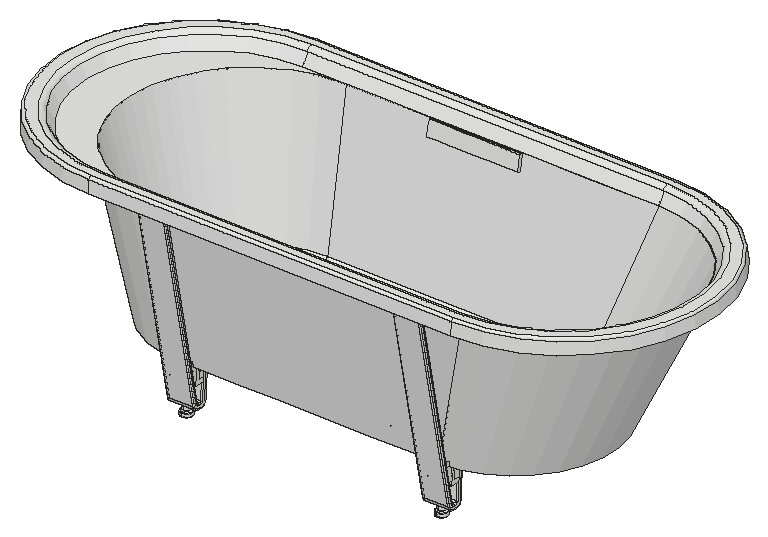
Revit family "Bath-Freestanding-KOHLER-LOVEE-K-9289T_1", category Plumbing Fixtures, host Face, Revit 2017
Family settings
  Host = Face
  Round Connector Dimension = Use Diameter
  Part Type = Normal
  OmniClass Number = 23.31.15.00
  OmniClass Title = Bathtubs
  Cut with Voids When Loaded = No
  Shared = No
  Room Calculation Point = No
Parameters (values of type "0-White")
  Width = 29.52756"  # constant formula
  WaterSense Certified = 1 = 0  # no
  Waste Water Outlet = "Waste Water Outlet"  # constant formula
  Waste Connection = 1 = 1  # yes
  Vent Connection = 1 = 0  # no
  URL = "http://www.kohler.com.cn/"
  Product Page URL = ""
  Product Name = "LOVEE"  # constant formula
  Product Documentation Link = ""
  Model = "K-9289T-0"  # constant formula
  Material = "Cast Iron"  # constant formula
  Master Format 2014 Name = "Residential Bathtubs"  # constant formula
  Master Format 2014 = "22 41 19"  # constant formula
  Manufacturer Address = "Kohler Beijing Office (100016)\r\n36-2-03-B, No. 88, Liuxiang Road, Beijing"  # constant formula
  Manufacturer = "KOHLER Co."  # constant formula
  Length = 66.92913"  # constant formula
  Hot Water Inlet = "Hot Water Inlet"  # constant formula
  Height = 22.43307"  # constant formula
  HW Connection = 1 = 0  # no
  Finish = KOHLER-Cast_Iron-0-White
  Environmental Product Declaration = ""
  Drain Included = 1 = 0  # no
  Description = "LOVEE Freestanding cast iron bathtub Stainless Foot"  # constant formula
  Default Elevation = 0"
  Declare Label = ""
  Date Modified = "01/28/2021"  # constant formula
  Date Created = "01/28/2021"  # constant formula
  Copyright = "Copyright KOHLER Co."  # constant formula
  Contact Us = "http://www.kohler.com.cn/contact/contact-us/"
  Cold Water Inlet = "Cold Water Inlet"  # constant formula
  CW Connection = 1 = 0  # no
  Assembly Code = "D2010500"
  ADA Compliant = 1 = 0  # no
Reference planes (in)
  plane 1 "Center (Front/Back)": y = 0
  plane 2: z = 0
  plane 3 "Center (Left/Right)": x = 0
  plane 4: x = 13.18898
  plane 5: x = -13.18898
  plane 6: z = 22.43307
  plane 7: x = -23.1063
  plane 8: x = 23.1063
  plane 9: y = 14.76378
  plane 10: y = 13.18701
  plane 11: y = 9.59252
  plane 12: y = -14.76378
  plane 13: y = -13.18701
  plane 14: y = -9.59252
  plane 15: z = 20.94488
  plane 16: x = -33.46457
  plane 17: x = -31.77165
  plane 18: x = 33.46457
  plane 19: x = 31.77165
  plane 20: y = 9.01575
  plane 21: y = -9.01575
Dimensions and locks (in)
  "Length": plane 16 to plane 18
  plane 17 to plane 19 = 63.54331"
  plane 7 to plane 8 = 46.2126"
  plane 11 to plane 14 = 19.18504"
  plane 10 to plane 13 = 26.37402"
  "Width": plane 9 to plane 12
  plane 20 to plane 21 = 18.0315"
  "Height": plane 6 to level
  plane 6 to plane 15 = 1.48819"
  plane 4 to plane 5 = 26.37795"
  aligned and locked: plane 2 to host face
  aligned and locked: level to host face
Automatic sketch dimensions
  host sketch curve to host sketch curve = 96"  (x2)
Nested families (in)
  nested 1: "K-9289T" at (0, 0, 0), type "K-9289T"
Connectors (in)
  piping at (0, 0, 3.81199), diameter 1.3125, driven by "Waste Connection", driven by "Waste Water Outlet"
    settings: on nested 1, index 1, connector inside diameter 24", connector length 0", flow factor 0, pipe flow 0 GPM, pressure drop 0.00 psi, fitting loss kfactor 0, connector angle 0.00°, fixture units 0, engagement length 0", angle of deflection 0.00°, flow configuration 0, flow direction 2, fitting loss method 0, system type 16, joint type 0, gender type 0, connector reference index -1, connector utility 1, adjustable connector no, is connector primary yes, connector description "Waste Water Outlet"
Definition of nested family "K-9289T"
  Parameters (values of type "K-9289T")
    Material = none
  Reference planes (in)
    plane 1 "Center (Front/Back)": y = 0
    plane 2: z = 0
    plane 3 "Center (Left/Right)": x = 0
    plane 4: y = -9.01575
    plane 5: y = 9.01575
    plane 6: x = -13.18898
    plane 7: x = 13.18898
    plane 8: z = 22.43307
    plane 9: z = 21.06299
    plane 10: x = -33.46457
    plane 11: x = 33.46457
    plane 12: y = -14.76378
    plane 13: y = 14.76378
    plane 14: x = -31.77165
    plane 15: x = 31.77165
    plane 16: x = -23.1063
    plane 17: x = 23.1063
    plane 18: y = 9.59252
    plane 19: y = -9.59252
    plane 20: y = 13.18701
    plane 21: y = -13.18701
  Forms (in)
    Blend 1, void
      base sketch origin (0, 0, 0) x (1, 0, 0) y (0, 1, 0)
        loop
          arc (-13.32634, 9.22486) -> (-22.47988, 0.07132) -> (-13.32634, -9.08223) r 9.15354
          line (-13.32634, -9.08223) -> (13.54037, -9.08223)
          arc (13.54037, -9.08223) -> (22.69391, 0.07132) -> (13.54037, 9.22486) r 9.15354
          line (13.54037, 9.22486) -> (-13.32634, 9.22486)
      top sketch origin (0, 0, 0) x (1, 0, 0) y (0, 1, 0)
        loop
          line (18.4404, 12.31591) -> (-13.78459, 12.31601)
          arc (-13.78459, 12.31601) -> (-26.10064, 0) -> (-13.78459, -12.31601) r 12.31601
          line (-13.78459, -12.31601) -> (18.4404, -12.31591)
          arc (18.4404, -12.31591) -> (30.75627, 0) -> (18.4404, 12.31591) r 12.31591
      from 5.87937 to 20.94488
    Sweep 2, solid, material <- "Material", detail levels medium+fine
      path origin (0, 0, 0) x (1, 0, 0) y (0, 1, 0)
        loop
          arc (18.70419, -13.18771) -> (31.8919, 0) -> (18.70419, 13.18771) r 13.18771
          line (18.70419, 13.18771) -> (-18.69694, 13.18771)
          arc (-18.69694, 13.18771) -> (-31.88466, 0) -> (-18.69694, -13.18771) r 13.18771
          line (-18.69694, -13.18771) -> (18.70419, -13.18771)
      profile origin (0.00362, -13.18771, 0) x (0, -1, 0) y (0, 0, 1)
        loop
          line (0.85028, 22.40397) -> (0.85028, 20.94488) -> (1.57607, 20.94488) -> (1.4706, 22.15043)
          arc (1.4706, 22.15043) -> (1.38155, 22.331) -> (1.19391, 22.40397) r 0.27775
          line (1.19391, 22.40397) -> (0.85028, 22.40397)
    Sweep 3, solid, material <- "Material", detail levels medium+fine
      path origin (0, 0, 0) x (1, 0, 0) y (0, 1, 0)
        loop
          line (13.54037, 9.22486) -> (-13.32634, 9.22486)
          arc (-13.32634, 9.22486) -> (-22.47988, 0.07132) -> (-13.32634, -9.08223) r 9.15354
          line (-13.32634, -9.08223) -> (13.54037, -9.08223)
          arc (13.54037, -9.08223) -> (22.69391, 0.07132) -> (13.54037, 9.22486) r 9.15354
      profile origin (22.69391, 0.07132, 0) x (-1, 0, 0) y (0, 0, 1)
        loop
          line (0, 5.87937) -> (1.5748, 5.87937)
          arc (1.5748, 5.87937) -> (0.24191, 6.22213) -> (-0.71338, 7.21285) r 2.52557
          line (-0.71338, 7.21285) -> (0, 5.87937)
    Blend 4, solid, material <- "Material", detail levels medium+fine
      base sketch origin (0.05035, -0.1465, 0) x (1, 0, 0) y (0, 1, 0)
        loop
          arc (-17.2274, 13.0831) -> (-30.164, 0.1465) -> (-17.2274, -12.7901) r 12.9366
          line (-17.2274, -12.7901) -> (-13.23933, -12.7901) -> (-13.23933, 13.0831) -> (-17.2274, 13.0831)
      top sketch origin (0.05035, -0.1465, 0) x (1, 0, 0) y (0, 1, 0)
        loop
          line (-13.23933, 13.0831) -> (-17.72658, 13.0831)
          arc (-17.72658, 13.0831) -> (-30.66319, 0.14649) -> (-17.72656, -12.79011) r 12.9366
          line (-17.72656, -12.79011) -> (-13.23933, -12.7901) -> (-13.23933, 13.0831)
      from 20.09344 to 20.94488
    Extrusion 5, void
      sketch origin (0, 0, 0) x (1, 0, 0) y (0, 1, 0)
        loop
          arc (-2.00442, 2.40789) -> (-2.28281, 2.29258) -> (-2.39812, 2.01419) r 0.3937
          line (-2.39812, 2.01419) -> (-2.39812, -2.01419)
          arc (-2.39812, -2.01419) -> (-2.28281, -2.29258) -> (-2.00442, -2.40789) r 0.3937
          line (-2.00442, -2.40789) -> (2.00442, -2.40789)
          arc (2.00442, -2.40789) -> (2.28281, -2.29258) -> (2.39812, -2.01419) r 0.3937
          line (2.39812, -2.01419) -> (2.39812, 2.01419)
          arc (2.39812, 2.01419) -> (2.28281, 2.29258) -> (2.00442, 2.40789) r 0.3937
          line (2.00442, 2.40789) -> (-2.00442, 2.40789)
      from 2.21015 to 7.89698
    Blend 6, solid, material <- "Material", detail levels medium+fine
      base sketch origin (0, 0, 0) x (1, 0, 0) y (0, 1, 0)
        loop
          line (-2.39812, 2.01419) -> (-2.39812, -2.01419)
          arc (-2.39812, -2.01419) -> (-2.28281, -2.29258) -> (-2.00442, -2.40789) r 0.3937
          line (-2.00442, -2.40789) -> (2.00442, -2.40789)
          arc (2.00442, -2.40789) -> (2.28281, -2.29258) -> (2.39812, -2.01419) r 0.3937
          line (2.39812, -2.01419) -> (2.39812, 2.01419)
          arc (2.39812, 2.01419) -> (2.28281, 2.29258) -> (2.00442, 2.40789) r 0.3937
          line (2.00442, 2.40789) -> (-2.00442, 2.40789)
          arc (-2.00442, 2.40789) -> (-2.28281, 2.29258) -> (-2.39812, 2.01419) r 0.3937
      top sketch origin (0, 0, 0) x (1, 0, 0) y (0, 1, 0)
        loop
          arc (-0.80906, 1.26512) -> (-1.12921, 1.13251) -> (-1.26182, 0.81236) r 0.45276
          line (-1.26182, 0.81236) -> (-1.26182, -0.81236)
          arc (-1.26182, -0.81236) -> (-1.12921, -1.13251) -> (-0.80906, -1.26512) r 0.45276
          line (-0.80906, -1.26512) -> (0.80906, -1.26512)
          arc (0.80906, -1.26512) -> (1.12921, -1.13251) -> (1.26182, -0.81236) r 0.45276
          line (1.26182, -0.81236) -> (1.26182, 0.81236)
          arc (1.26182, 0.81236) -> (1.12921, 1.13251) -> (0.80906, 1.26512) r 0.45276
          line (0.80906, 1.26512) -> (-0.80906, 1.26512)
      from 5.87937 to 4.65567
    Revolve 7, solid, detail levels medium+fine
      sketch origin (0, 0, 0) x (1, 0, 0) y (0, 0, 1)
        loop
          line (-1.35, 5.92209) -> (-0.64618, 5.92209) -> (-0.64618, 5.56009) -> (-0.56592, 5.56009) -> (-0.56592, 5.29427) -> (-0.64618, 5.29427) -> (-0.64618, 5.23128) -> (0, 5.23128) -> (0, 6.17143)
          arc (0, 6.17143) -> (-0.68579, 6.12325) -> (-1.35814, 5.9798) r 4.91205
          arc (-1.35814, 5.9798) -> (-1.37914, 5.94741) -> (-1.35, 5.92209) r 0.02943
        loop
          line (-1.09371, 4.34647) -> (-1.09371, 3.81199) -> (0, 3.81199) -> (0, 5.11675) -> (-1.36, 5.11675) -> (-1.36, 5.01795) -> (-1.00439, 4.96842) -> (-1.00439, 4.85252) -> (-1.34843, 4.85252) -> (-1.34843, 4.76886) -> (-1.41273, 4.76886) -> (-1.41273, 4.65567) -> (-0.93025, 4.65567) -> (-0.93025, 4.55569) -> (-1.36, 4.55569) -> (-1.36, 4.44582) -> (-1.15537, 4.41732)
          arc (-1.15537, 4.41732) -> (-1.11129, 4.39343) -> (-1.09371, 4.34647) r 0.07153
        axis (0, 3.81199) -> (0, 6.17143)
      angle from 0 to 360
    Blend 8, solid, material <- "Material", detail levels medium+fine
      base sketch origin (0.029, 0, -0.1406) x (1, 0, 0) y (0, 1, 0)
        loop
          arc (18.36377, -12.93655) -> (31.30029, 0) -> (18.36377, 12.93655) r 12.93655
          line (18.36377, 12.93655) -> (-13.55745, 12.9366)
          arc (-13.55745, 12.9366) -> (-26.49407, 0) -> (-13.55745, -12.9366) r 12.9366
          line (-13.55745, -12.9366) -> (18.36377, -12.93655)
      top sketch origin (0.029, 0, -0.1406) x (1, 0, 0) y (0, 1, 0)
        loop
          arc (-13.29657, 9.89663) -> (-23.19319, 0) -> (-13.29657, -9.89663) r 9.89663
          line (-13.29657, -9.89663) -> (13.48303, -9.89663)
          arc (13.48303, -9.89663) -> (23.37966, 0) -> (13.48303, 9.89663) r 9.89663
          line (13.48303, 9.89663) -> (-13.29657, 9.89663)
      from 21.08548 to 5.38876
    Sweep 9, solid, material <- "Material", detail levels medium+fine
      path origin (0, 0, 0) x (1, 0, 0) y (0, 1, 0)
        loop
          line (-18.27963, -12.31603) -> (18.4404, -12.31591)
          arc (18.4404, -12.31591) -> (30.75627, 0) -> (18.4404, 12.31591) r 12.31591
          line (18.4404, 12.31591) -> (-18.27963, 12.31603)
          arc (-18.27963, 12.31603) -> (-30.59569, 0) -> (-18.27963, -12.31603) r 12.31603
      profile origin (-30.59569, 0, 0) x (1, 0, 0) y (0, 0, 1)
        loop
          line (-0.01715, 20.94488) -> (-0.66725, 22.05373)
          arc (-0.66725, 22.05373) -> (-0.92631, 22.31021) -> (-1.27859, 22.40397) r 0.70866
          line (-1.27859, 22.40397) -> (-1.44826, 22.40397) -> (-1.44826, 20.94488) -> (-0.01715, 20.94488)
    Extrusion 10, solid, material <- "Material", detail levels medium+fine
      sketch origin (0, 0, 0) x (1, 0, 0) y (0, 1, 0)
        loop
          arc (-18.27962, 13.76429) -> (-32.04395, 0) -> (-18.27962, -13.76429) r 13.76429
          line (-18.27962, -13.76429) -> (18.4404, -13.76417)
          arc (18.4404, -13.76417) -> (32.20453, 0) -> (18.4404, 13.76417) r 13.76417
          line (18.4404, 13.76417) -> (-18.27962, 13.76429)
        loop
          line (-18.69694, -14.03799) -> (18.70419, -14.03799)
          arc (18.70419, -14.03799) -> (32.74218, 0) -> (18.70419, 14.03799) r 14.03799
          line (18.70419, 14.03799) -> (-18.69694, 14.03799)
          arc (-18.69694, 14.03799) -> (-32.73494, 0) -> (-18.69694, -14.03799) r 14.03799
      from 20.94488 to 22.40397
    Sweep 11, solid, material <- "Material", detail levels medium+fine
      path origin (0, 0, 0) x (0, 1, 0) y (0, 0, 1)
        loop
          line (8.03157, 5.26833) -> (8.22867, 1.50751)
          arc (8.22867, 1.50751) -> (8.42412, 1.08355) -> (8.85773, 0.91056) r 0.62992
          line (8.85773, 0.91056) -> (9.17316, 0.91056)
          arc (9.17316, 0.91056) -> (9.57177, 1.05269) -> (9.79052, 1.41496) r 0.63001
          line (9.79052, 1.41496) -> (13.83684, 21.30325)
      profile origin (0, 9.17316, 0.91056) x (0, 0, 1) y (1, 0, 0)
        loop
          line (0, -11.91114) -> (0, -14.43082)
          arc (0, -14.43082) -> (0.03459, -14.51434) -> (0.11811, -14.54893) r 0.11811
          line (0.11811, -14.54893) -> (0.35433, -14.54893)
          arc (0.35433, -14.54893) -> (0.43785, -14.51434) -> (0.47244, -14.43082) r 0.11811
          line (0.47244, -14.43082) -> (0.47244, -11.91059)
          arc (0.47244, -11.91059) -> (0.43801, -11.82746) -> (0.35488, -11.79303) r 0.11756
          line (0.35488, -11.79303) -> (0.11811, -11.79303)
          arc (0.11811, -11.79303) -> (0.03459, -11.82762) -> (0, -11.91114) r 0.11811
    Revolve 12, solid, material <- "Material", detail levels medium+fine
      sketch origin (-13.16437, 0, 0) x (0, 1, 0) y (0, 0, 1)
        loop
          line (9.01521, 1.54048) -> (9.01521, 0) -> (9.56663, 0)
          arc (9.56663, 0) -> (9.59354, 0.01115) -> (9.60469, 0.03806) r 0.03806
          line (9.60469, 0.03806) -> (9.60469, 0.31687)
          arc (9.60469, 0.31687) -> (9.59224, 0.34692) -> (9.56218, 0.35937) r 0.04251
          line (9.56218, 0.35937) -> (9.19315, 0.35937) -> (9.19315, 0.53654) -> (9.33269, 0.53654) -> (9.38141, 0.56467) -> (9.38141, 0.88242) -> (9.33173, 0.91056) -> (9.19181, 0.91056) -> (9.19181, 1.54048) -> (9.01521, 1.54048)
        axis (9.01521, 0) -> (9.01521, 1.54048)
      angle from 0 to 360
    Sweep 13, solid, material <- "Material", detail levels medium+fine
      path origin (0, 0, 0) x (0, -1, 0) y (0, 0, 1)
        loop
          line (8.03157, 5.26833) -> (8.22867, 1.50751)
          arc (8.22867, 1.50751) -> (8.42412, 1.08355) -> (8.85773, 0.91056) r 0.62992
          line (8.85773, 0.91056) -> (9.17316, 0.91056)
          arc (9.17316, 0.91056) -> (9.57177, 1.05269) -> (9.79052, 1.41496) r 0.63001
          line (9.79052, 1.41496) -> (13.83684, 21.30325)
      profile origin (0, -9.17316, 0.91056) x (0, 0, -1) y (1, 0, 0)
        loop
          arc (0, -11.91114) -> (-0.03459, -11.82762) -> (-0.11811, -11.79303) r 0.11811
          line (-0.11811, -11.79303) -> (-0.35488, -11.79303)
          arc (-0.35488, -11.79303) -> (-0.43801, -11.82746) -> (-0.47244, -11.91059) r 0.11756
          line (-0.47244, -11.91059) -> (-0.47244, -14.43082)
          arc (-0.47244, -14.43082) -> (-0.43785, -14.51434) -> (-0.35433, -14.54893) r 0.11811
          line (-0.35433, -14.54893) -> (-0.11811, -14.54893)
          arc (-0.11811, -14.54893) -> (-0.03459, -14.51434) -> (0, -14.43082) r 0.11811
          line (0, -14.43082) -> (0, -11.91114)
    Revolve 14, solid, material <- "Material", detail levels medium+fine
      sketch origin (-13.16437, 0, 0) x (0, -1, 0) y (0, 0, -1)
        loop
          line (9.01521, -1.54048) -> (9.19181, -1.54048) -> (9.19181, -0.91056) -> (9.33173, -0.91056) -> (9.38141, -0.88242) -> (9.38141, -0.56467) -> (9.33269, -0.53654) -> (9.19315, -0.53654) -> (9.19315, -0.35937) -> (9.56218, -0.35937)
          arc (9.56218, -0.35937) -> (9.59224, -0.34692) -> (9.60469, -0.31687) r 0.04251
          line (9.60469, -0.31687) -> (9.60469, -0.03806)
          arc (9.60469, -0.03806) -> (9.59354, -0.01115) -> (9.56663, 0) r 0.03806
          line (9.56663, 0) -> (9.01521, 0) -> (9.01521, -1.54048)
        axis (9.01521, 0) -> (9.01521, -1.54048)
      angle from 0 to 360
    Sweep 15, solid, material <- "Material", detail levels medium+fine
      path origin (0, 0, 0) x (0, -1, 0) y (0, 0, 1)
        loop
          line (8.03157, 5.26833) -> (8.22867, 1.50751)
          arc (8.22867, 1.50751) -> (8.42412, 1.08355) -> (8.85773, 0.91056) r 0.62992
          line (8.85773, 0.91056) -> (9.17316, 0.91056)
          arc (9.17316, 0.91056) -> (9.57177, 1.05269) -> (9.79052, 1.41496) r 0.63001
          line (9.79052, 1.41496) -> (13.83684, 21.30325)
      profile origin (0, -9.17316, 0.91056) x (0, 0, 1) y (-1, 0, 0)
        loop
          line (0, -11.91114) -> (0, -14.43082)
          arc (0, -14.43082) -> (0.03459, -14.51434) -> (0.11811, -14.54893) r 0.11811
          line (0.11811, -14.54893) -> (0.35433, -14.54893)
          arc (0.35433, -14.54893) -> (0.43785, -14.51434) -> (0.47244, -14.43082) r 0.11811
          line (0.47244, -14.43082) -> (0.47244, -11.91059)
          arc (0.47244, -11.91059) -> (0.43801, -11.82746) -> (0.35488, -11.79303) r 0.11756
          line (0.35488, -11.79303) -> (0.11811, -11.79303)
          arc (0.11811, -11.79303) -> (0.03459, -11.82762) -> (0, -11.91114) r 0.11811
    Sweep 16, solid, material <- "Material", detail levels medium+fine
      path origin (0, 0, 0) x (0, 1, 0) y (0, 0, -1)
        loop
          line (8.03157, -5.26833) -> (8.22867, -1.50751)
          arc (8.22867, -1.50751) -> (8.42412, -1.08355) -> (8.85773, -0.91056) r 0.62992
          line (8.85773, -0.91056) -> (9.17316, -0.91056)
          arc (9.17316, -0.91056) -> (9.57177, -1.05269) -> (9.79052, -1.41496) r 0.63001
          line (9.79052, -1.41496) -> (13.83684, -21.30325)
      profile origin (0, 9.17316, 0.91056) x (0, 0, -1) y (-1, 0, 0)
        loop
          arc (0, -11.91114) -> (-0.03459, -11.82762) -> (-0.11811, -11.79303) r 0.11811
          line (-0.11811, -11.79303) -> (-0.35488, -11.79303)
          arc (-0.35488, -11.79303) -> (-0.43801, -11.82746) -> (-0.47244, -11.91059) r 0.11756
          line (-0.47244, -11.91059) -> (-0.47244, -14.43082)
          arc (-0.47244, -14.43082) -> (-0.43785, -14.51434) -> (-0.35433, -14.54893) r 0.11811
          line (-0.35433, -14.54893) -> (-0.11811, -14.54893)
          arc (-0.11811, -14.54893) -> (-0.03459, -14.51434) -> (0, -14.43082) r 0.11811
          line (0, -14.43082) -> (0, -11.91114)
    Extrusion 17, solid, material <- "Material", detail levels medium+fine
      sketch origin (0, 0, 0) x (0, 1, 0) y (0, 0, 1)
        loop
          line (11.86197, 21.13016) -> (11.43965, 21.21608)
          arc (11.43965, 21.21608) -> (11.42369, 21.21298) -> (11.41459, 21.1995) r 0.02125
          line (11.41459, 21.1995) -> (11.11935, 19.7483)
          arc (11.11935, 19.7483) -> (11.12222, 19.73352) -> (11.13471, 19.72509) r 0.01969
          line (11.13471, 19.72509) -> (11.55749, 19.63907)
          arc (11.55749, 19.63907) -> (11.5735, 19.64219) -> (11.58263, 19.65571) r 0.02131
          line (11.58263, 19.65571) -> (11.87776, 21.10632)
          arc (11.87776, 21.10632) -> (11.8748, 21.12151) -> (11.86197, 21.13016) r 0.02022
      from -4.65075 to 4.68674
    Extrusion 18, solid, material <- "Material", detail levels medium+fine
      sketch origin (0, 0, 0) x (0, 1, 0) y (0, 0, 1)
        loop
          arc (-9.46606, 3.31056) -> (-9.45368, 3.28372) -> (-9.42622, 3.27276) r 0.03989
          line (-9.42622, 3.27276) -> (-8.60925, 3.27276) -> (-8.58449, 3.7452) -> (-9.05512, 3.7452) -> (-9.15628, 5.6755)
          arc (-9.15628, 5.6755) -> (-9.16879, 5.70263) -> (-9.19655, 5.71371) r 0.04032
          line (-9.19655, 5.71371) -> (-10.18299, 5.71371) -> (-10.08687, 5.24126) -> (-9.56724, 5.24126) -> (-9.46606, 3.31056)
      from 11.82902 to 14.54655
    Extrusion 19, solid, material <- "Material", detail levels medium+fine
      sketch origin (0, 0, 0) x (0, 1, 0) y (0, 0, 1)
        loop
          line (-10.08687, 5.24126) -> (-9.78249, 3.7452) -> (-9.48884, 3.7452) -> (-9.56724, 5.24126) -> (-10.08687, 5.24126)
        loop
          line (-9.05512, 3.7452) -> (-8.58449, 3.7452) -> (-8.50572, 5.24816) -> (-9.13388, 5.24816) -> (-9.05512, 3.7452)
      from 11.79303 to 14.54655
    Extrusion 20, solid, material <- "Material", detail levels medium+fine
      sketch origin (0, 0, 0) x (0, 1, 0) y (0, 0, -1)
        loop
          line (-9.46606, -3.31056) -> (-9.56724, -5.24126) -> (-10.08687, -5.24126) -> (-10.18299, -5.71371) -> (-9.19655, -5.71371)
          arc (-9.19655, -5.71371) -> (-9.16879, -5.70263) -> (-9.15628, -5.6755) r 0.04032
          line (-9.15628, -5.6755) -> (-9.05512, -3.7452) -> (-8.58449, -3.7452) -> (-8.60925, -3.27276) -> (-9.42622, -3.27276)
          arc (-9.42622, -3.27276) -> (-9.45368, -3.28372) -> (-9.46606, -3.31056) r 0.03989
      from 11.82902 to 14.54893
    Extrusion 21, solid, material <- "Material", detail levels medium+fine
      sketch origin (0, 0, 0) x (0, 1, 0) y (0, 0, -1)
        loop
          line (-10.08687, -5.24126) -> (-9.56724, -5.24126) -> (-9.48884, -3.7452) -> (-9.78249, -3.7452) -> (-10.08687, -5.24126)
        loop
          line (-9.05512, -3.7452) -> (-9.13388, -5.24816) -> (-8.50572, -5.24816) -> (-8.58449, -3.7452) -> (-9.05512, -3.7452)
      from 11.79303 to 14.54893
    Extrusion 22, solid, material <- "Material", detail levels medium+fine
      sketch origin (0, 0, 0) x (0, -1, 0) y (0, 0, 1)
        loop
          arc (-9.46606, 3.31056) -> (-9.45368, 3.28372) -> (-9.42622, 3.27276) r 0.03989
          line (-9.42622, 3.27276) -> (-8.60925, 3.27276) -> (-8.58449, 3.7452) -> (-9.05512, 3.7452) -> (-9.15628, 5.6755)
          arc (-9.15628, 5.6755) -> (-9.16879, 5.70263) -> (-9.19655, 5.71371) r 0.04032
          line (-9.19655, 5.71371) -> (-10.18299, 5.71371) -> (-10.08687, 5.24126) -> (-9.56724, 5.24126) -> (-9.46606, 3.31056)
      from 11.82902 to 14.54893
    Extrusion 23, solid, material <- "Material", detail levels medium+fine
      sketch origin (0, 0, 0) x (0, -1, 0) y (0, 0, 1)
        loop
          line (-10.08687, 5.24126) -> (-9.78249, 3.7452) -> (-9.48884, 3.7452) -> (-9.56724, 5.24126) -> (-10.08687, 5.24126)
        loop
          line (-9.05512, 3.7452) -> (-8.58449, 3.7452) -> (-8.50572, 5.24816) -> (-9.13388, 5.24816) -> (-9.05512, 3.7452)
      from 11.79303 to 14.54893
    Extrusion 24, solid, material <- "Material", detail levels medium+fine
      sketch origin (0, 0, 0) x (0, -1, 0) y (0, 0, -1)
        loop
          line (-9.46606, -3.31056) -> (-9.56724, -5.24126) -> (-10.08687, -5.24126) -> (-10.18299, -5.71371) -> (-9.19655, -5.71371)
          arc (-9.19655, -5.71371) -> (-9.16879, -5.70263) -> (-9.15628, -5.6755) r 0.04032
          line (-9.15628, -5.6755) -> (-9.05512, -3.7452) -> (-8.58449, -3.7452) -> (-8.60925, -3.27276) -> (-9.42622, -3.27276)
          arc (-9.42622, -3.27276) -> (-9.45368, -3.28372) -> (-9.46606, -3.31056) r 0.03989
      from 11.82902 to 14.54655
    Extrusion 25, solid, material <- "Material", detail levels medium+fine
      sketch origin (0, 0, 0) x (0, -1, 0) y (0, 0, -1)
        loop
          line (-10.08687, -5.24126) -> (-9.56724, -5.24126) -> (-9.48884, -3.7452) -> (-9.78249, -3.7452) -> (-10.08687, -5.24126)
        loop
          line (-9.05512, -3.7452) -> (-9.13388, -5.24816) -> (-8.50572, -5.24816) -> (-8.58449, -3.7452) -> (-9.05512, -3.7452)
      from 11.79303 to 14.54655
    Revolve 26, solid, material <- "Material", detail levels medium+fine
      sketch origin (13.16437, 0, 0) x (0, -1, 0) y (0, 0, 1)
        loop
          line (9.01521, 1.54048) -> (9.01521, 0) -> (9.56663, 0)
          arc (9.56663, 0) -> (9.59354, 0.01115) -> (9.60469, 0.03806) r 0.03806
          line (9.60469, 0.03806) -> (9.60469, 0.31687)
          arc (9.60469, 0.31687) -> (9.59224, 0.34692) -> (9.56218, 0.35937) r 0.04251
          line (9.56218, 0.35937) -> (9.19315, 0.35937) -> (9.19315, 0.53654) -> (9.33269, 0.53654) -> (9.38141, 0.56467) -> (9.38141, 0.88242) -> (9.33173, 0.91056) -> (9.19181, 0.91056) -> (9.19181, 1.54048) -> (9.01521, 1.54048)
        axis (9.01521, 0) -> (9.01521, 1.54048)
      angle from 0 to 360
    Revolve 27, solid, material <- "Material", detail levels medium+fine
      sketch origin (13.16437, 0, 0) x (0, 1, 0) y (0, 0, -1)
        loop
          line (9.01521, -1.54048) -> (9.19181, -1.54048) -> (9.19181, -0.91056) -> (9.33173, -0.91056) -> (9.38141, -0.88242) -> (9.38141, -0.56467) -> (9.33269, -0.53654) -> (9.19315, -0.53654) -> (9.19315, -0.35937) -> (9.56218, -0.35937)
          arc (9.56218, -0.35937) -> (9.59224, -0.34692) -> (9.60469, -0.31687) r 0.04251
          line (9.60469, -0.31687) -> (9.60469, -0.03806)
          arc (9.60469, -0.03806) -> (9.59354, -0.01115) -> (9.56663, 0) r 0.03806
          line (9.56663, 0) -> (9.01521, 0) -> (9.01521, -1.54048)
        axis (9.01521, 0) -> (9.01521, -1.54048)
      angle from 0 to 360
    Extrusion 28, solid, material <- "Material", detail levels coarse
      sketch origin (0, 0, 0) x (0, 1, 0) y (0, 0, 1)
        loop
          line (13.76454, 20.94488) -> (13.28184, 20.94488) -> (9.3016, 1.38443) -> (8.71199, 1.38443) -> (8.50621, 5.24816) -> (8.04087, 5.24816) -> (8.24203, 1.40981)
          arc (8.24203, 1.40981) -> (8.45856, 1.05124) -> (8.85311, 0.91056) r 0.6236
          line (8.85311, 0.91056) -> (9.17395, 0.91056)
          arc (9.17395, 0.91056) -> (9.57194, 1.05246) -> (9.79035, 1.41416) r 0.62903
          line (9.79035, 1.41416) -> (13.76454, 20.94488)
        loop
          line (-13.76454, 20.94488) -> (-9.79035, 1.41416)
          arc (-9.79035, 1.41416) -> (-9.57194, 1.05246) -> (-9.17395, 0.91056) r 0.62903
          line (-9.17395, 0.91056) -> (-8.85311, 0.91056)
          arc (-8.85311, 0.91056) -> (-8.45856, 1.05124) -> (-8.24203, 1.40981) r 0.6236
          line (-8.24203, 1.40981) -> (-8.04087, 5.24816) -> (-8.50621, 5.24816) -> (-8.71199, 1.38443) -> (-9.3016, 1.38443) -> (-13.28184, 20.94488) -> (-13.76454, 20.94488)
      from -14.54893 to -11.79303
    Extrusion 29, solid, material <- "Material", detail levels coarse
      sketch origin (0, 0, 0) x (0, 1, 0) y (0, 0, -1)
        loop
          line (13.76454, -20.94488) -> (9.79035, -1.41416)
          arc (9.79035, -1.41416) -> (9.57194, -1.05246) -> (9.17395, -0.91056) r 0.62903
          line (9.17395, -0.91056) -> (8.85311, -0.91056)
          arc (8.85311, -0.91056) -> (8.45856, -1.05124) -> (8.24203, -1.40981) r 0.6236
          line (8.24203, -1.40981) -> (8.04087, -5.24816) -> (8.50621, -5.24816) -> (8.71199, -1.38443) -> (9.3016, -1.38443) -> (13.28184, -20.94488) -> (13.76454, -20.94488)
        loop
          line (-13.76454, -20.94488) -> (-13.28184, -20.94488) -> (-9.3016, -1.38443) -> (-8.71199, -1.38443) -> (-8.50621, -5.24816) -> (-8.04087, -5.24816) -> (-8.24203, -1.40981)
          arc (-8.24203, -1.40981) -> (-8.45856, -1.05124) -> (-8.85311, -0.91056) r 0.6236
          line (-8.85311, -0.91056) -> (-9.17395, -0.91056)
          arc (-9.17395, -0.91056) -> (-9.57194, -1.05246) -> (-9.79035, -1.41416) r 0.62903
          line (-9.79035, -1.41416) -> (-13.76454, -20.94488)
      from -14.54893 to -11.79303
    Blend 30, solid, material <- "Material", detail levels coarse
      base sketch origin (-0.3647, -0.3937, 0) x (1, 0, 0) y (0, 1, 0)
        loop
          arc (18.58009, -12.93655) -> (31.51662, 0) -> (18.58009, 12.93655) r 12.93655
          line (18.58009, 12.93655) -> (-17.73954, 12.93661)
          arc (-17.73954, 12.93661) -> (-30.67617, 0) -> (-17.73954, -12.93661) r 12.93661
          line (-17.73954, -12.93661) -> (18.58009, -12.93655)
      top sketch origin (-0.3647, -0.3937, 0) x (1, 0, 0) y (0, 1, 0)
        loop
          arc (-12.57173, 9.89663) -> (-22.46836, 0) -> (-12.57173, -9.89663) r 9.89663
          line (-12.57173, -9.89663) -> (13.11111, -9.89663)
          arc (13.11111, -9.89663) -> (23.00773, 0) -> (13.11111, 9.89663) r 9.89663
          line (13.11111, 9.89663) -> (-12.57173, 9.89663)
      from 21.08548 to 5.38876
    Blend 31, void
      base sketch origin (-0.13919, -0.33604, 0) x (1, 0, 0) y (0, 1, 0)
        loop
          arc (-13.32634, 9.22486) -> (-22.47988, 0.07132) -> (-13.32634, -9.08223) r 9.15354
          line (-13.32634, -9.08223) -> (13.54037, -9.08223)
          arc (13.54037, -9.08223) -> (22.69391, 0.07132) -> (13.54037, 9.22486) r 9.15354
          line (13.54037, 9.22486) -> (-13.32634, 9.22486)
      top sketch origin (-0.13919, -0.33604, 0) x (1, 0, 0) y (0, 1, 0)
        loop
          line (18.4404, 12.31591) -> (-18.0225, 12.31602)
          arc (-18.0225, 12.31602) -> (-30.33857, 0) -> (-18.0225, -12.31602) r 12.31602
          line (-18.0225, -12.31602) -> (18.4404, -12.31591)
          arc (18.4404, -12.31591) -> (30.75627, 0) -> (18.4404, 12.31591) r 12.31591
      from 6.87645 to 22.82464
    Extrusion 32, solid, material <- "Material", detail levels coarse
      sketch origin (0, 0, 0) x (1, 0, 0) y (0, 1, 0)
        loop
          arc (-18.69694, 14.76378) -> (-33.46072, -0.00376) -> (-18.68942, -14.76378) r 14.76378
          line (-18.68942, -14.76378) -> (18.71142, -14.76378)
          arc (18.71142, -14.76378) -> (33.46797, 0.00362) -> (18.70419, 14.76378) r 14.76378
          line (18.70419, 14.76378) -> (-18.69694, 14.76378)
      from 20.83358 to 22.61013
  Cuts and joins
    Extrusion 5 cuts Sweep 2
    Blend 1 cuts Blend 4
    Blend 1, Extrusion 5 cuts Blend 8
    joined: Sweep 2, Blend 4, Blend 8, Sweep 9, Extrusion 10
    Blend 31 cuts Sweep 3
    Blend 31 cuts Blend 6
    Blend 31 cuts Revolve 7
    Blend 31 cuts Extrusion 17
    Blend 31 cuts Blend 30
    Blend 31 cuts Extrusion 32
    joined: Extrusion 28, Extrusion 29, Blend 30, Extrusion 32
  Lines and regions (in)
    Masking region 1
      outline origin (0, 0, 0) x (1, 0, 0) y (0, 1, 0)
        loop
          arc (-18.69694, 14.76378) -> (-33.46072, -0.00376) -> (-18.68942, -14.76378) r 14.76378
          line (-18.68942, -14.76378) -> (18.71142, -14.76378)
          arc (18.71142, -14.76378) -> (33.46797, 0.00362) -> (18.70419, 14.76378) r 14.76378
          line (18.70419, 14.76378) -> (-18.69694, 14.76378)
    Masking region 2
      outline origin (0, 0, 0) x (0, 1, 0) y (0, 0, 1)
        loop
          line (13.76454, 20.94488) -> (14.76378, 20.94488) -> (14.65875, 22.14538)
          arc (14.65875, 22.14538) -> (14.56792, 22.32955) -> (14.37654, 22.40397) r 0.28329
          line (14.37654, 22.40397) -> (-14.38621, 22.40397)
          arc (-14.38621, 22.40397) -> (-14.57046, 22.33232) -> (-14.65791, 22.15501) r 0.27274
          line (-14.65791, 22.15501) -> (-14.76378, 20.94488) -> (-13.76454, 20.94488) -> (-9.78947, 1.40981)
          arc (-9.78947, 1.40981) -> (-9.57294, 1.05124) -> (-9.17839, 0.91056) r 0.6236
          line (-9.17839, 0.91056) -> (-9.33173, 0.91056) -> (-9.38141, 0.88242) -> (-9.38141, 0.56467) -> (-9.33269, 0.53654) -> (-9.19315, 0.53654) -> (-9.19315, 0.35937) -> (-9.56194, 0.35937)
          arc (-9.56194, 0.35937) -> (-9.59244, 0.34674) -> (-9.60508, 0.31624) r 0.04314
          line (-9.60508, 0.31624) -> (-9.60508, 0.0398)
          arc (-9.60508, 0.0398) -> (-9.59395, 0.01294) -> (-9.5671, 0.00182) r 0.03798
          line (-9.5671, 0.00182) -> (-9.01575, 0.00182) -> (-8.4644, 0.00182)
          arc (-8.4644, 0.00182) -> (-8.43754, 0.01294) -> (-8.42642, 0.0398) r 0.03798
          line (-8.42642, 0.0398) -> (-8.42642, 0.31624)
          arc (-8.42642, 0.31624) -> (-8.43905, 0.34674) -> (-8.46956, 0.35937) r 0.04314
          line (-8.46956, 0.35937) -> (-8.83835, 0.35937) -> (-8.83835, 0.53654) -> (-8.69881, 0.53654) -> (-8.65008, 0.56467) -> (-8.65008, 0.88242) -> (-8.69977, 0.91056) -> (-8.85311, 0.91056)
          arc (-8.85311, 0.91056) -> (-8.45856, 1.05124) -> (-8.24203, 1.40981) r 0.6236
          line (-8.24203, 1.40981) -> (-8.04087, 5.24816) -> (-1.81562, 5.24816) -> (-1.36807, 4.76822) -> (-1.41262, 4.76822) -> (-1.41262, 4.65567) -> (-0.93025, 4.65567) -> (-0.93025, 4.55569) -> (-1.36, 4.55569) -> (-1.36, 4.44582) -> (-1.16513, 4.4187)
          arc (-1.16513, 4.4187) -> (-1.11436, 4.39477) -> (-1.09371, 4.34258) r 0.07628
          line (-1.09371, 4.34258) -> (-1.09371, 3.81199) -> (1.09371, 3.81199) -> (1.09371, 4.34258)
          arc (1.09371, 4.34258) -> (1.11436, 4.39477) -> (1.16513, 4.4187) r 0.07628
          line (1.16513, 4.4187) -> (1.36, 4.44582) -> (1.36, 4.55569) -> (0.93025, 4.55569) -> (0.93025, 4.65567) -> (1.41262, 4.65567) -> (1.41262, 4.76822) -> (1.36807, 4.76822) -> (1.81562, 5.24816) -> (8.04087, 5.24816) -> (8.24203, 1.40981)
          arc (8.24203, 1.40981) -> (8.45856, 1.05124) -> (8.85311, 0.91056) r 0.6236
          line (8.85311, 0.91056) -> (8.69977, 0.91056) -> (8.65008, 0.88242) -> (8.65008, 0.56467) -> (8.69881, 0.53654) -> (8.83835, 0.53654) -> (8.83835, 0.35937) -> (8.46956, 0.35937)
          arc (8.46956, 0.35937) -> (8.43905, 0.34674) -> (8.42642, 0.31624) r 0.04314
          line (8.42642, 0.31624) -> (8.42642, 0.0398)
          arc (8.42642, 0.0398) -> (8.43754, 0.01294) -> (8.4644, 0.00182) r 0.03798
          line (8.4644, 0.00182) -> (9.01575, 0.00182) -> (9.5671, 0.00182)
          arc (9.5671, 0.00182) -> (9.59395, 0.01294) -> (9.60508, 0.0398) r 0.03798
          line (9.60508, 0.0398) -> (9.60508, 0.31624)
          arc (9.60508, 0.31624) -> (9.59244, 0.34674) -> (9.56194, 0.35937) r 0.04314
          line (9.56194, 0.35937) -> (9.19315, 0.35937) -> (9.19315, 0.53654) -> (9.33269, 0.53654) -> (9.38141, 0.56467) -> (9.38141, 0.88242) -> (9.33173, 0.91056) -> (9.17839, 0.91056)
          arc (9.17839, 0.91056) -> (9.57294, 1.05124) -> (9.78947, 1.40981) r 0.6236
          line (9.78947, 1.40981) -> (13.76454, 20.94488)
        loop
          line (8.61142, 3.27276) -> (8.70562, 1.5041)
          arc (8.70562, 1.5041) -> (8.75336, 1.42347) -> (8.83861, 1.38456) r 0.15653
          line (8.83861, 1.38456) -> (8.83861, 1.54048) -> (9.19181, 1.54048) -> (9.19181, 1.38443)
          arc (9.19181, 1.38443) -> (9.27946, 1.42468) -> (9.32688, 1.50867) r 0.15653
          line (9.32688, 1.50867) -> (9.78198, 3.7452) -> (9.48884, 3.7452) -> (9.46606, 3.31056)
          arc (9.46606, 3.31056) -> (9.45368, 3.28372) -> (9.42622, 3.27276) r 0.03989
          line (9.42622, 3.27276) -> (8.61142, 3.27276)
        loop
          line (10.18254, 5.71371) -> (13.28184, 20.94488) -> (12.9366, 20.94488) -> (12.9366, 20.09132) -> (12.77027, 20.09132) -> (9.98569, 5.71371) -> (10.18254, 5.71371)
        loop
          line (-8.61142, 3.27276) -> (-9.42622, 3.27276)
          arc (-9.42622, 3.27276) -> (-9.45368, 3.28372) -> (-9.46606, 3.31056) r 0.03989
          line (-9.46606, 3.31056) -> (-9.48884, 3.7452) -> (-9.78198, 3.7452) -> (-9.32688, 1.50867)
          arc (-9.32688, 1.50867) -> (-9.27946, 1.42468) -> (-9.19181, 1.38443) r 0.15653
          line (-9.19181, 1.38443) -> (-9.19181, 1.54048) -> (-8.83861, 1.54048) -> (-8.83861, 1.38456)
          arc (-8.83861, 1.38456) -> (-8.75336, 1.42347) -> (-8.70562, 1.5041) r 0.15653
          line (-8.70562, 1.5041) -> (-8.61142, 3.27276)
        loop
          line (-10.18254, 5.71371) -> (-9.98569, 5.71371) -> (-12.77027, 20.09132) -> (-12.9366, 20.09132) -> (-12.9366, 20.94488) -> (-13.28184, 20.94488) -> (-10.18254, 5.71371)
    Masking region 3
      outline origin (0, 0, 0) x (1, 0, 0) y (0, 0, 1)
        loop
          arc (-33.0277, 22.43307) -> (-33.25097, 22.34625) -> (-33.35692, 22.1314) r 0.33047
          line (-33.35692, 22.1314) -> (-33.46072, 20.94488) -> (-30.60523, 20.94488) -> (-30.11365, 20.09344) -> (-26.31965, 20.09344) -> (-23.16419, 5.24816) -> (-14.54877, 5.24816) -> (-14.54877, 1.02057)
          arc (-14.54877, 1.02057) -> (-14.51655, 0.94278) -> (-14.43876, 0.91056) r 0.11002
          line (-14.43876, 0.91056) -> (-13.48089, 0.91056) -> (-13.53058, 0.88242) -> (-13.53058, 0.56467) -> (-13.48185, 0.53654) -> (-13.34231, 0.53654) -> (-13.34231, 0.35937) -> (-13.71014, 0.35937)
          arc (-13.71014, 0.35937) -> (-13.74176, 0.34628) -> (-13.75486, 0.31465) r 0.04472
          line (-13.75486, 0.31465) -> (-13.75486, 0.0383)
          arc (-13.75486, 0.0383) -> (-13.74365, 0.01122) -> (-13.71656, 0) r 0.0383
          line (-13.71656, 0) -> (-13.18898, 0) -> (-12.61218, 0)
          arc (-12.61218, 0) -> (-12.58509, 0.01122) -> (-12.57388, 0.0383) r 0.0383
          line (-12.57388, 0.0383) -> (-12.57388, 0.31465)
          arc (-12.57388, 0.31465) -> (-12.58698, 0.34628) -> (-12.6186, 0.35937) r 0.04472
          line (-12.6186, 0.35937) -> (-12.98643, 0.35937) -> (-12.98643, 0.53654) -> (-12.84689, 0.53654) -> (-12.79816, 0.56467) -> (-12.79816, 0.88242) -> (-12.84785, 0.91056) -> (-11.90084, 0.91056)
          arc (-11.90084, 0.91056) -> (-11.82461, 0.94213) -> (-11.79303, 1.01837) r 0.10782
          line (-11.79303, 1.01837) -> (-11.79303, 5.24816) -> (-1.80757, 5.24816) -> (-1.3667, 4.76884) -> (-1.41281, 4.76884) -> (-1.41281, 4.65567) -> (-0.93025, 4.65567) -> (-0.93025, 4.55569) -> (-1.36, 4.55569) -> (-1.36, 4.44582) -> (-1.15764, 4.41714)
          arc (-1.15764, 4.41714) -> (-1.11192, 4.39227) -> (-1.09371, 4.34352) r 0.07436
          line (-1.09371, 4.34352) -> (-1.09371, 3.81199) -> (1.09371, 3.81199) -> (1.09371, 4.34352)
          arc (1.09371, 4.34352) -> (1.11192, 4.39227) -> (1.15764, 4.41714) r 0.07436
          line (1.15764, 4.41714) -> (1.36, 4.44582) -> (1.36, 4.55569) -> (0.93025, 4.55569) -> (0.93025, 4.65567) -> (1.41281, 4.65567) -> (1.41281, 4.76884) -> (1.3667, 4.76884) -> (1.80757, 5.24816) -> (11.79303, 5.24816) -> (11.79303, 1.01837)
          arc (11.79303, 1.01837) -> (11.82461, 0.94213) -> (11.90084, 0.91056) r 0.10782
          line (11.90084, 0.91056) -> (12.84785, 0.91056) -> (12.79816, 0.88242) -> (12.79816, 0.56467) -> (12.84689, 0.53654) -> (12.98643, 0.53654) -> (12.98643, 0.35937) -> (12.6186, 0.35937)
          arc (12.6186, 0.35937) -> (12.58698, 0.34628) -> (12.57388, 0.31465) r 0.04472
          line (12.57388, 0.31465) -> (12.57388, 0.0383)
          arc (12.57388, 0.0383) -> (12.58509, 0.01122) -> (12.61218, 0) r 0.0383
          line (12.61218, 0) -> (13.18898, 0) -> (13.71656, 0)
          arc (13.71656, 0) -> (13.74365, 0.01122) -> (13.75486, 0.0383) r 0.0383
          line (13.75486, 0.0383) -> (13.75486, 0.31465)
          arc (13.75486, 0.31465) -> (13.74176, 0.34628) -> (13.71014, 0.35937) r 0.04472
          line (13.71014, 0.35937) -> (13.34231, 0.35937) -> (13.34231, 0.53654) -> (13.48185, 0.53654) -> (13.53058, 0.56467) -> (13.53058, 0.88242) -> (13.48089, 0.91056) -> (14.43876, 0.91056)
          arc (14.43876, 0.91056) -> (14.51655, 0.94278) -> (14.54877, 1.02057) r 0.11002
          line (14.54877, 1.02057) -> (14.54877, 5.24816) -> (23.40866, 5.24816) -> (31.3293, 20.94488) -> (33.46797, 20.94488) -> (33.36103, 22.16721)
          arc (33.36103, 22.16721) -> (33.26766, 22.35655) -> (33.0709, 22.43307) r 0.29124
          line (33.0709, 22.43307) -> (-33.0277, 22.43307)
    symbolic lines
      curve 1: line (18.4404, 12.31591, 0) -> (-18.4238, 12.31603, 0)
      curve 2: arc (-18.4238, 12.31603, 0) -> (-30.73986, 0, 0) -> (-18.4238, -12.31603, 0) r 12.31603
      curve 3: line (-18.4238, -12.31603, 0) -> (18.4404, -12.31591, 0)
      curve 4: arc (18.4404, -12.31591, 0) -> (30.75627, 0, 0) -> (18.4404, 12.31591, 0) r 12.31591
      curve 41: arc (-1.34843, 0, 0) -> (0, 1.34843, 0) -> (1.34843, 0, 0) r 1.34843
      curve 42: arc (1.36, 0, 0) -> (0, -1.36, 0) -> (-1.36, 0, 0) r 1.36
    symbolic lines, detail levels medium+fine
      curve 5: line (18.70419, 14.23484, 0) -> (-18.69694, 14.23484, 0)
      curve 6: arc (-18.69694, 14.23484, 0) -> (-32.93179, 0, 0) -> (-18.69694, -14.23484, 0) r 14.23484
      curve 7: line (-18.69694, -14.23484, 0) -> (18.70419, -14.23484, 0)
      curve 8: arc (18.70419, -14.23484, 0) -> (32.93903, 0, 0) -> (18.70419, 14.23484, 0) r 14.23484
      curve 9: arc (-13.32634, 7.65006, 0) -> (-20.90508, 0.07132, 0) -> (-13.32634, -7.50742, 0) r 7.57874
      curve 10: line (13.54037, 7.65006, 0) -> (-13.32634, 7.65006, 0)
      curve 11: arc (13.54037, -7.50742, 0) -> (21.11911, 0.07132, 0) -> (13.54037, 7.65006, 0) r 7.57874
      curve 12: line (-13.32634, -7.50742, 0) -> (13.54037, -7.50742, 0)
      curve 13: arc (-13.32634, 9.35973, 0) -> (-22.61475, 0.07132, 0) -> (-13.32634, -9.21709, 0) r 9.28841
      curve 14: line (-13.32634, 9.35973, 0) -> (14.07519, 9.35973, 0)
      curve 15: line (-13.32634, -9.21709, 0) -> (14.07519, -9.21709, 0)
      curve 16: arc (14.07519, -9.21709, 0) -> (23.3636, 0.07132, 0) -> (14.07519, 9.35973, 0) r 9.28841
      curve 17: line (2.00442, 2.40789, 0) -> (-2.00442, 2.40789, 0)
      curve 18: arc (-2.00442, 2.40789, 0) -> (-2.28281, 2.29258, 0) -> (-2.39812, 2.01419, 0) r 0.3937
      curve 19: line (-2.39812, 2.01419, 0) -> (-2.39812, -2.01419, 0)
      curve 20: arc (-2.39812, -2.01419, 0) -> (-2.28281, -2.29258, 0) -> (-2.00442, -2.40789, 0) r 0.3937
      curve 21: line (-2.00442, -2.40789, 0) -> (2.00442, -2.40789, 0)
      curve 22: arc (2.00442, -2.40789, 0) -> (2.28281, -2.29258, 0) -> (2.39812, -2.01419, 0) r 0.3937
      curve 23: line (2.39812, -2.01419, 0) -> (2.39812, 2.01419, 0)
      curve 24: arc (2.39812, 2.01419, 0) -> (2.28281, 2.29258, 0) -> (2.00442, 2.40789, 0) r 0.3937
      curve 25: line (-1.1811, 1.5748, 0) -> (1.1811, 1.5748, 0)
      curve 26: line (-1.1811, -1.5748, 0) -> (1.1811, -1.5748, 0)
      curve 27: line (1.5748, 1.1811, 0) -> (1.5748, -1.1811, 0)
      curve 28: line (-1.5748, 1.1811, 0) -> (-1.5748, -1.1811, 0)
      curve 29: arc (-1.5748, 1.1811, 0) -> (-1.45949, 1.45949, 0) -> (-1.1811, 1.5748, 0) r 0.3937
      curve 30: arc (1.1811, 1.5748, 0) -> (1.45949, 1.45949, 0) -> (1.5748, 1.1811, 0) r 0.3937
      curve 31: arc (1.5748, -1.1811, 0) -> (1.45949, -1.45949, 0) -> (1.1811, -1.5748, 0) r 0.3937
      curve 32: arc (-1.5748, -1.1811, 0) -> (-1.45949, -1.45949, 0) -> (-1.1811, -1.5748, 0) r 0.3937
      curve 33: line (-1.1811, 1.5748, 0) -> (-2.00442, 2.40789, 0)
      curve 34: line (-1.5748, 1.1811, 0) -> (-2.39812, 2.01419, 0)
      curve 35: line (1.1811, 1.5748, 0) -> (2.00442, 2.40789, 0)
      curve 36: line (1.5748, 1.1811, 0) -> (2.39812, 2.01419, 0)
      curve 37: line (-1.5748, -1.1811, 0) -> (-2.39812, -2.01419, 0)
      curve 38: line (-1.1811, -1.5748, 0) -> (-2.00442, -2.40789, 0)
      curve 39: line (1.1811, -1.5748, 0) -> (2.00442, -2.40789, 0)
      curve 40: line (1.5748, -1.1811, 0) -> (2.39812, -2.01419, 0)
      curve 43: arc (-16.24438, -12.31602, 0) -> (-26.08053, 0.60634, 0) -> (-14.82795, 12.31601, 0) r 12.48544
      curve 44: arc (-14.82795, 12.31601, 0) -> (-26.62186, 0.63746, 0) -> (-16.24438, -12.31602, 0) r 12.40475
      curve 45: line (-4.65075, 11.87816, 0) -> (-4.65075, 11.11895, 0)
      curve 46: line (4.68674, 11.11895, 0) -> (4.68674, 11.87816, 0)
      curve 47: line (-4.65075, 11.87816, 0) -> (4.68674, 11.87816, 0)
      curve 48: line (-4.65075, 11.11895, 0) -> (4.68674, 11.11895, 0)
      curve 49: line (-4.65075, 11.41459, 0) -> (4.68674, 11.41459, 0)
      curve 50: line (-18.7886, 12.9366, 0) -> (18.80026, 12.9366, 0)
      curve 51: line (-18.7886, -12.9366, 0) -> (18.80026, -12.9366, 0)
      curve 52: arc (-18.7886, -12.9366, 0) -> (-31.7252, 0, 0) -> (-18.7886, 12.9366, 0) r 12.9366
      curve 53: arc (18.80026, 12.9366, 0) -> (31.73686, 0, 0) -> (18.80026, -12.9366, 0) r 12.9366
      curve 54: line (-30.61284, 0, 20.94488) -> (31.3293, 0, 20.94488)
      curve 55: line (-14.54893, 0, 5.24126) -> (-14.54893, 0, 20.94488)
      curve 56: line (-11.79303, 0, 5.24126) -> (-11.79303, 0, 20.94488)
      curve 57: line (11.79303, 0, 5.24126) -> (11.79303, 0, 20.94488)
      curve 58: line (14.54877, 0, 5.24816) -> (14.54877, 0, 20.94488)
      curve 59: line (-0.93025, 0, 4.55569) -> (0.93025, 0, 4.55569)
      curve 60: line (-1.36, 0, 4.44582) -> (1.36, 0, 4.44582)
      curve 61: line (-0.93025, 0, 4.65567) -> (0.93025, 0, 4.65567)
      curve 62: line (-1.3667, 0, 4.76884) -> (-1.25353, 0, 4.65567)
      curve 63: line (1.3667, 0, 4.76884) -> (1.25353, 0, 4.65567)
      curve 64: line (-13.48089, 0, 0.91056) -> (-12.84785, 0, 0.91056)
      curve 65: line (-13.53058, 0, 0.88242) -> (-12.79816, 0, 0.88242)
      curve 66: line (-13.53058, 0, 0.56467) -> (-12.79816, 0, 0.56467)
      curve 67: line (-13.34231, 0, 0.53654) -> (-12.98643, 0, 0.53654)
      curve 68: line (-13.34231, 0, 0.35937) -> (-12.98643, 0, 0.35937)
      curve 69: line (12.84785, 0, 0.91056) -> (13.48089, 0, 0.91056)
      curve 70: line (12.79816, 0, 0.88242) -> (13.53058, 0, 0.88242)
      curve 71: line (12.79816, 0, 0.56467) -> (13.53058, 0, 0.56467)
      curve 72: line (12.98643, 0, 0.53654) -> (13.34231, 0, 0.53654)
      curve 73: line (12.98643, 0, 0.35937) -> (13.34231, 0, 0.35937)
      curve 74: line (0, 13.76454, 20.94488) -> (0, -13.76454, 20.94488)
      curve 75: line (0, 12.77027, 20.09132) -> (0, -12.7717, 20.09344)
      curve 76: line (0, 9.56733, 5.24301) -> (0, 9.48884, 3.7452)
      curve 77: line (0, 9.05512, 3.7452) -> (0, 9.13369, 5.24448)
      curve 78: line (0, 8.58449, 3.7452) -> (0, 9.05512, 3.7452)
      curve 79: line (0, 1.25552, 4.65567) -> (0, -1.25552, 4.65567)
      curve 80: line (0, 0.93025, 4.55569) -> (0, -0.93025, 4.55569)
      curve 81: line (0, 1.36, 4.44582) -> (0, -1.36, 4.44582)
      curve 82: line (0, 10.08687, 5.24126) -> (0, 8.04087, 5.24816)
      curve 83: line (0, 1.36807, 4.76822) -> (0, 1.25552, 4.65567)
      curve 84: line (0, -1.36807, 4.76822) -> (0, -1.25552, 4.65567)
      curve 85: line (0, 9.87798, 5.71371) -> (0, 9.79485, 5.24225)
      curve 86: line (0, 9.87798, 5.71371) -> (0, 10.18299, 5.71371)
      curve 87: line (0, 10.18299, 5.71371) -> (0, 9.78249, 3.7452)
      curve 88: line (0, 8.60925, 3.27276) -> (0, 8.5058, 5.24659)
      curve 89: line (0, -9.5676, 5.24816) -> (0, -9.48884, 3.7452)
      curve 90: line (0, -9.05512, 3.7452) -> (0, -9.13388, 5.24816)
      curve 91: line (0, -8.58449, 3.7452) -> (0, -9.05512, 3.7452)
      curve 92: line (0, -9.87798, 5.71371) -> (0, -9.79589, 5.24816)
      curve 93: line (0, -9.87798, 5.71371) -> (0, -10.18299, 5.71371)
      curve 94: line (0, -10.18299, 5.71371) -> (0, -9.78249, 3.7452)
      curve 95: line (0, -8.60925, 3.27276) -> (0, -8.50572, 5.24816)
      curve 96: line (0, 1.81562, 5.24816) -> (0, -1.81562, 5.24816)
      curve 97: line (0, -8.04087, 5.24816) -> (0, -9.79589, 5.24816)
      curve 98: line (0, 9.19181, 1.38443) -> (0, 8.83969, 1.38443)
      curve 99: line (0, 9.17839, 0.91056) -> (0, 8.83861, 0.91056)
      curve 100: line (0, 9.19315, 0.53654) -> (0, 8.83727, 0.53654)
      curve 101: line (0, 9.19315, 0.35937) -> (0, 8.83727, 0.35937)
      curve 102: line (0, 9.38141, 0.88242) -> (0, 8.649, 0.88242)
      curve 103: line (0, 9.38141, 0.56467) -> (0, 8.65008, 0.56467)
      curve 104: line (0, -8.83861, 0.91056) -> (0, -9.19181, 0.91056)
      curve 105: line (0, -8.83727, 0.53654) -> (0, -9.19315, 0.53654)
      curve 106: line (0, -8.65008, 0.88242) -> (0, -9.38141, 0.88242)
      curve 107: line (0, -8.65008, 0.56467) -> (0, -9.38141, 0.56467)
      curve 108: line (0, -8.83835, 0.35937) -> (0, -9.19315, 0.35937)
      curve 109: line (0, -8.83861, 1.38456) -> (0, -9.19181, 1.38443)
      curve 110: line (-26.31965, 0, 20.09344) -> (-14.54893, 0, 20.09344)
      curve 111: line (-1.80757, 0, 5.24816) -> (1.80757, 0, 5.24816)
  Dimensions and locks (in)
    plane 6 to plane 7 = 26.37795"
    plane 5 to plane 4 = 18.0315"
    plane 8 to level = 22.43307"
    plane 8 to plane 9 = 1.37008"
    plane 10 to plane 11 = 66.92913"
    plane 13 to plane 12 = 29.52756"
    plane 14 to plane 15 = 63.54331"
    plane 16 to plane 17 = 46.2126"
    plane 18 to plane 19 = 19.18504"
    plane 21 to plane 20 = 26.37402"
    aligned and locked: plane 2 to level
